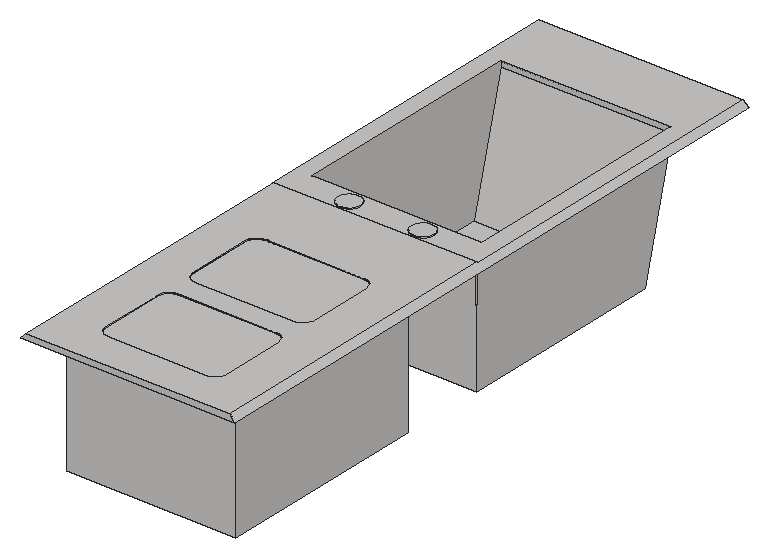
Revit family "replaced_Water_Cooler-Bottle_Filler-Wall_Mounted-Acorn-Murdock-AL81408S", category Plumbing Fixtures, host Face, Revit 2016
Family settings
  Host = Face
  Part Type = Normal
  Round Connector Dimension = Use Diameter
  OmniClass Number = 23.65.70.14.11
  OmniClass Title = Drinking Fountains/Coolers
  Cut with Voids When Loaded = No
  Shared = Yes
  Room Calculation Point = No
Parameters (values of type "AL81408S")
  Width = 19"  # constant formula
  Weight Lbs = "110 lbs."  # constant formula
  Watts = 390 W  # constant formula
  Waste Connection = yes
  Warranty Documentation Link = "https://www.murdockmfg.com/uploads/docs/MM_Terms.pdf"
  WFU = 2  # constant formula
  WF3 3000-Gallon Capacity, NSF 42+53, 1-Micron Lead Reduction Filter = no
  WF1 1500-Gallon Capacity, NSF 42+53, = no
  Vent Connection = no
  URL = "http://www.murdockmfg.com/"
  Type Comments = ""
  Tempered Water Connection = no
  Specification = "Model AL81408S is a self-contained, Ligature Resistant, fully recessed pressure electric Drinking Fountain that shall deliver a minimum of 8.0 GPH (30.3 LPH) of water at 50°F (10°C) cooled from 80°F (26.7°C) inlet water and 90°F (32.2°C) ambient. Unit shall be activated by a brass, chrome plated front Pushbutton using less then 5 pounds of force. Bubbler shall be Stainless Steel, Ligature Resistant and operate on a water pressure range of 20-105 PSIG. Cabinet Panels shall be constructed from 304 Stainless Steel and the Bowl shall have an integral Ligature Resistant Drain. Cooling system shall use R-134a refrigerant and be capillary tube regulated. An adjustable Thermostat with an off position shall regulate the Refrigeration System. Unit shall be listed by Underwriters Laboratories for both the US and Canada and is compliant to the Air Conditioning and Refrigeration Institute Standard 1010. Unit is certified to ANSI A117.1, Public Law 111-380 (NO-LEAD), CHSC 116875 and NSF/ANSI 61, Section 9. Unit shall Still deliver ambient water temperature to the Bubbler in the absence of electrical\r\npower as long as there is a pressurized water supply."
  Product Page URL = "https://www.murdockmfg.com/product.aspx?ProductId=340#/product-section-specs"
  Product Documentation Link = "https://www.murdockmfg.com/uploads/fileLibrary/AL81.8.pdf"
  Model = "AL81408S"
  Material = "Metal-Murdock-Stainless Steel-Type 304-Satin"
  Manufacturer = "Murdock"  # constant formula
  Load Rating = "4.6 Full Load Amps"  # constant formula
  Length = 12"  # constant formula
  LBPH Less Bubbler & Less Bubbler Pushbutton Actuator = no
  Installation Type = "FULLY RECESSED, WALL MOUNTED"  # constant formula
  Inlet Diameter Connection = 3/8"  # constant formula
  Height = 56 3/4"  # constant formula
  HWFU = 0  # constant formula
  HW Connection = no
  GPH = "8.0 GPH"  # constant formula
  Finish = Metal-Murdock-Stainless Steel-Type 304-Satin
  Description = "This 16-gauge stainless steel recessed fountain is designed with ligature-resistant features including bubbler, drain, and bottle filler spout. Water is chilled with an in-wall chiller rated at 8 GPH."
  Default Elevation = 51 3/4"
  Creation Date = "6/02/2020"  # constant formula
  Connection Size = 1 1/4"  # constant formula
  CWFU = 1.5  # constant formula
  CW Connection = yes
  BF Ligature Resistant Bottle/Cup Filler = no
  Assembly Code = "D2010810"
  220V 220 Volt/50 Hz or 60 Hz Compressor = no
Reference planes (in)
  plane 1 "Center (Front/Back)": y = 0
  plane 2: z = 0
  plane 3 "Center (Left/Right)": x = 0
  plane 4: y = -11
  plane 5: y = -12
  plane 6: x = -9.5
  plane 7: x = 9.5
  plane 8: y = -41.75
  plane 9: y = -14.375
  plane 10: y = 15
  plane 11: z = 0.5
  plane 12: x = -8.125
  plane 13: x = 8.125
  plane 14: z = -11
  plane 15: z = -12
  plane 16: x = -7.5
  plane 17: x = 7.5
  plane 18: z = 0.46875
  plane 19: x = -7.625
  plane 20: x = 7.625
  plane 21: z = -1.6875
  plane 22: x = 6.5
  plane 23: x = -0.96875
  plane 24: x = 0.96875
  plane 25: y = -51.75
  plane 26: y = 13.875
  plane 27: y = -40.625
Forms (in)
  Extrusion 1, solid, material "Metal-Murdock-Stainless Steel-Type 304-Satin" <- "Finish"
    sketch origin (0, 0, 0) x (1, 0, 0) y (0, 0, 1)
      loop
        line (9.03125, 0.46875) -> (-9.03125, 0.46875) -> (-9.5, 0) -> (9.5, 0) -> (9.03125, 0.46875)
    from -15 to 14.375
  Extrusion 2, solid, material "Metal-Murdock-Stainless Steel-Type 304-Satin" <- "Finish"
    sketch origin (0, 0, 0) x (0, 1, 0) y (0, 0, 1)
      loop
        line (8.875, 0) -> (5.88839, -10.9375) -> (-12.57358, -10.9375) -> (-12.57358, 0) -> (-12.63608, 0) -> (-12.63608, -11) -> (5.93612, -11) -> (8.93979, 0) -> (8.875, 0)
      loop
        line (-39.125, 0) -> (-39.125, -11) -> (-20.125, -11) -> (-20.125, 0) -> (-39.125, 0)
    from -7.5 to 7.5
  Extrusion 3, void
    sketch origin (0, 0, 0) x (1, 0, 0) y (0, 1, 0)
      loop
        line (-7.5, 8.875) -> (-7.5, -12) -> (7.5, -12) -> (7.5, 8.875) -> (-7.5, 8.875)
      loop
        line (4.375, -30.8125) -> (-4.3125, -30.8125)
        arc (-4.3125, -30.8125) -> (-5.01961, -31.10539) -> (-5.3125, -31.8125) r 1
        line (-5.3125, -31.8125) -> (-5.3125, -37.5625)
        arc (-5.3125, -37.5625) -> (-5.01961, -38.26961) -> (-4.3125, -38.5625) r 1
        line (-4.3125, -38.5625) -> (4.375, -38.5625)
        arc (4.375, -38.5625) -> (5.08211, -38.26961) -> (5.375, -37.5625) r 1
        line (5.375, -37.5625) -> (5.375, -31.8125)
        arc (5.375, -31.8125) -> (5.08211, -31.10539) -> (4.375, -30.8125) r 1
      loop
        line (4.375, -21.0625) -> (-4.375, -21.0625)
        arc (-4.375, -21.0625) -> (-5.08211, -21.35539) -> (-5.375, -22.0625) r 1
        line (-5.375, -22.0625) -> (-5.375, -27.8125)
        arc (-5.375, -27.8125) -> (-5.08211, -28.51961) -> (-4.375, -28.8125) r 1
        line (-4.375, -28.8125) -> (4.375, -28.8125)
        arc (4.375, -28.8125) -> (5.08211, -28.51961) -> (5.375, -27.8125) r 1
        line (5.375, -27.8125) -> (5.375, -22.0625)
        arc (5.375, -22.0625) -> (5.08211, -21.35539) -> (4.375, -21.0625) r 1
    from 0 to 0.5
  Extrusion 4, solid, material "Metal-Murdock-Stainless Steel-Type 304-Satin" <- "Finish"
    sketch origin (0, -25.75, 0) x (1, 0, 0) y (0, 0, 1)
      loop
        line (9, 0.5) -> (-9, 0.5) -> (-9.5, 0) -> (9.5, 0) -> (9, 0.5)
    from -11.375 to 16
  Extrusion 5, solid, material "Metal-Murdock-Stainless Steel-Type 304-Satin" <- "Finish"
    sketch origin (0, 0, 0) x (1, 0, 0) y (0, 1, 0)
      loop
        circle (-3.25, -13.1875) r 1
      loop
        circle (3.25, -13.1875) r 1
    from 0.46875 to 0.5
  Extrusion 6, solid, material "Metal-Murdock-Stainless Steel-Type 304-Satin" <- "Finish"
    sketch origin (0, 0, 0) x (1, 0, 0) y (0, 1, 0)
      loop
        arc (-4.375, -21.0625) -> (-5.08211, -21.35539) -> (-5.375, -22.0625) r 1
        line (-5.375, -22.0625) -> (-5.375, -27.8125)
        arc (-5.375, -27.8125) -> (-5.08211, -28.51961) -> (-4.375, -28.8125) r 1
        line (-4.375, -28.8125) -> (4.375, -28.8125)
        arc (4.375, -28.8125) -> (5.08211, -28.51961) -> (5.375, -27.8125) r 1
        line (5.375, -27.8125) -> (5.375, -22.0625)
        arc (5.375, -22.0625) -> (5.08211, -21.35539) -> (4.375, -21.0625) r 1
        line (4.375, -21.0625) -> (-4.375, -21.0625)
      loop
        arc (-4.3125, -30.8125) -> (-5.01961, -31.10539) -> (-5.3125, -31.8125) r 1
        line (-5.3125, -31.8125) -> (-5.3125, -37.5625)
        arc (-5.3125, -37.5625) -> (-5.01961, -38.26961) -> (-4.3125, -38.5625) r 1
        line (-4.3125, -38.5625) -> (4.375, -38.5625)
        arc (4.375, -38.5625) -> (5.08211, -38.26961) -> (5.375, -37.5625) r 1
        line (5.375, -37.5625) -> (5.375, -31.8125)
        arc (5.375, -31.8125) -> (5.08211, -31.10539) -> (4.375, -30.8125) r 1
        line (4.375, -30.8125) -> (-4.3125, -30.8125)
    from 0.44255 to 0.47739
  Extrusion 7, solid, material "Metal-Murdock-Stainless Steel-Type 304-Satin" <- "Finish"
    sketch origin (0, 0, 0) x (0, 1, 0) y (0, 0, 1)
      loop
        line (5.93612, -11) -> (8.93979, 0) -> (8.93979, 0.46875) -> (-12.0625, 0.46875) -> (-12.0625, -1.17599) -> (-12.63608, -1.99514) -> (-12.63608, -11) -> (5.93612, -11)
    from -7.5 to -7.625
  Extrusion 8, solid, material "Metal-Murdock-Stainless Steel-Type 304-Satin" <- "Finish"
    sketch origin (0, 0, 0) x (0, 1, 0) y (0, 0, -1)
      loop
        line (5.93612, 11) -> (-12.63608, 11) -> (-12.63608, 4.17445) -> (-12.0625, 3.35529) -> (-12.0625, -0.46875) -> (8.93979, -0.46875) -> (8.93979, 0) -> (5.93612, 11)
    from -7.5 to -7.625
  Revolve 9, solid, material "Metal-Murdock-Stainless Steel-Type 304-Satin" <- "Finish"
    sketch origin (6.5, 60, 48) x (0, 1, 0) y (0, 0, 1)
      loop
        line (-71.16016, -49.37921) -> (-72, -49.07353) -> (-72, -49.6875) -> (-71, -49.6875) -> (-71, -49.60794)
        arc (-71, -49.60794) -> (-71.04402, -49.46832) -> (-71.16016, -49.37921) r 0.24341
      axis (-72, -49.6875) -> (-71, -49.6875)
    angle from 0 to 360
  Blend 10, solid, material "Metal-Murdock-Stainless Steel-Type 304-Satin" <- "Finish"
    base sketch origin (0, 0, 0) x (0, 1, 0) y (0, 0, 1)
      loop
        line (-12.57358, -4.19415) -> (-12, -3.375) -> (-12, 0) -> (-12.57358, 0) -> (-12.57358, -4.19415)
    top sketch origin (0, 0, 0) x (0, 1, 0) y (0, 0, 1)
      loop
        line (-12.57358, 0) -> (-12.57358, -1.90588) -> (-12, -1.08673) -> (-12, 0) -> (-12.57358, 0)
    from 7.625 to -7.625
  Revolve 11, solid, material "Metal-Murdock-Stainless Steel-Type 304-Satin" <- "Finish"
    sketch origin (0, 0.3125, 0) x (0, 1, 0) y (0, 0, 1)
      loop
        line (-0.28878, -9.81031) -> (-0.69904, -10.9375) -> (0.125, -10.9375) -> (0.125, -9.59535) -> (0.01822, -9.59535)
        arc (0.01822, -9.59535) -> (-0.16917, -9.65443) -> (-0.28878, -9.81031) r 0.32669
      axis (0.125, -10.9375) -> (0.125, -9.59535)
    angle from 0 to 360
  Extrusion 12, void
    sketch origin (0, 0, 0) x (0, 1, 0) y (0, 0, 1)
      loop
        line (0.13762, -9.53299) -> (-0.44979, -9.53299) -> (-0.44979, -10.9375) -> (0, -10.9375) -> (0.13762, -9.53299)
    from -0.96875 to 0.96875
  Revolve 13, solid, material "Metal-Murdock-Stainless Steel-Type 304-Satin" <- "Finish"
    sketch origin (0, -15.48578, -4.73457) x (0, 0, 1) y (0, -1, 0)
      loop
        arc (-1.83895, -1.39106) -> (-1.683, -1.18781) -> (-1.43867, -1.11078) r 0.42597
        line (-1.43867, -1.11078) -> (-1.40603, -1.11078) -> (-1.40603, -1.07953) -> (-1.43867, -1.07953)
        arc (-1.43867, -1.07953) -> (-1.70092, -1.16222) -> (-1.86832, -1.38037) r 0.45722
        line (-1.86832, -1.38037) -> (-2.37203, -2.7643)
        arc (-2.37203, -2.7643) -> (-2.38102, -2.79785) -> (-2.38405, -2.83245) r 0.19927
        line (-2.38405, -2.83245) -> (-2.38405, -2.9122) -> (-2.3528, -2.9122) -> (-2.3528, -2.83245)
        arc (-2.3528, -2.83245) -> (-2.35024, -2.80328) -> (-2.34266, -2.77499) r 0.16802
        line (-2.34266, -2.77499) -> (-1.83895, -1.39106)
      axis (-1.3011, -2.9122) -> (-1.3011, -1.07953)
    angle from 0 to 360
  Revolve 14, void
    sketch origin (0, 0, 0) x (0, 1, 0) y (0, 0, 1)
      loop
        line (-12.57358, -4.98397) -> (-12.63608, -4.98397) -> (-12.63608, -6.03567) -> (-12.57358, -6.03567) -> (-12.57358, -4.98397)
      axis (-12.63608, -6.03567) -> (-12.57358, -6.03567)
    angle from 0 to 360
  Extrusion 15, void
    sketch origin (-60.04412, -36.63609, 0) x (1, 0, 0) y (0, 1, 0)
      loop
        line (68.16912, -3.98891) -> (68.16912, 50.51109) -> (51.91912, 50.51109) -> (51.91912, -3.98891) -> (68.16912, -3.98891)
    from -12 to 0
  Revolve 16, solid, not visible
    sketch origin (0, 0, 0) x (0, 1, 0) y (0, 0, 1)
      loop
        line (-19.25, -12) -> (-19.5, -12) -> (-19.5, -12.03125) -> (-19.25, -12.03125) -> (-19.25, -12)
      axis (-19.25, -12.03125) -> (-19.25, -11.99188)
    angle from 0 to 360
  Revolve 17, solid, not visible
    sketch origin (0, 8, 0) x (0, 1, 0) y (0, 0, 1)
      loop
        line (-22.375, -12) -> (-23, -12) -> (-23, -12.03125) -> (-22.375, -12.03125) -> (-22.375, -12)
      axis (-22.375, -12.03125) -> (-22.375, -11.99188)
    angle from 0 to 360
Cuts and joins
  Extrusion 3, Extrusion 12, Revolve 14 cuts Extrusion 1
  Extrusion 12, Revolve 14 cuts Extrusion 2
  Extrusion 3, Extrusion 12, Revolve 14 cuts Extrusion 4
  Extrusion 12, Revolve 14 cuts Extrusion 5
  Extrusion 12, Revolve 14 cuts Extrusion 6
  Extrusion 12, Revolve 14 cuts Extrusion 7
  Extrusion 12, Revolve 14 cuts Extrusion 8
  Extrusion 12, Revolve 14 cuts Blend 10
  Extrusion 12 cuts Revolve 11
  Revolve 14 cuts Revolve 13
  joined: Extrusion 1, Extrusion 2, Extrusion 4, Extrusion 5, Extrusion 6, Extrusion 7, Extrusion 8, Revolve 9, Blend 10, Revolve 11, Revolve 13
Lines and regions (in)
  Masking region 1
    outline origin (0, 0, 0) x (1, 0, 0) y (0, 0, 1)
      loop
        line (-7.625, -11) -> (7.625, -11) -> (7.625, 0) -> (9.5, 0) -> (9, 0.5) -> (-9, 0.5) -> (-9.5, 0) -> (-7.625, 0) -> (-7.625, -11)
  symbolic lines, detail levels medium+fine
    curve 1: line (-7.625, 0, 0) -> (7.625, 0, 0)
Dimensions and locks (in)
  locked: plane 5 to plane 4 at 1
  "Width": plane 6 to plane 7
  equal spacing: plane 6, plane 3 "Center (Left/Right)", plane 7
  plane 8 to plane 9 = 27 3/8"
  plane 9 to plane 10 = 29 3/8"
  locked: plane 11 to level at 0.5
  plane 12 to plane 13 = 16 1/4"
  level to plane 14 = 11"
  "Length": level to plane 15
  plane 4 to Extrusion 2 sketch curve = 1.57358"
  locked: Extrusion 2 sketch curve to Extrusion 2 sketch curve at 0.0625  (x3)
  plane 16 to plane 17 = 15"
  equal spacing: plane 16, plane 3 "Center (Left/Right)", plane 17
  locked: plane 11 to plane 18 at 0.03125
  locked: plane 17 to plane 20 at 0.125
  equal spacing: plane 23, plane 3 "Center (Left/Right)", plane 24
  Extrusion 12 sketch curve to Extrusion 12 sketch curve to Extrusion 12 sketch curve = 0.13762" locked, 0.44979" locked
  locked: plane 15 to Revolve 16 sketch curve at 0.03125
  plane 25 to plane 1 "Center (Front/Back)" = 51 3/4"
  plane 25 to plane 8 = 10"
  plane 27 to plane 26 = 54 1/2"
  "Height": plane 8 to plane 10
  plane 10 to plane 9 = 29 3/8"
  plane 9 to plane 8 = 27 3/8"
  plane 9 to plane 25 = 37 3/8"
  aligned and locked: plane 2 to host face
  aligned and locked: level to host face
  aligned and locked: host face to Extrusion 1 sketch curve
  aligned and locked: level to Extrusion 2 sketch curve
  aligned and locked: plane 14 to Extrusion 2 sketch curve
  aligned and locked: Extrusion 2 sketch curve to level
  aligned and locked: Extrusion 2 to plane 16
  aligned and locked: plane 17 to Extrusion 2
  aligned and locked: plane 11 to Extrusion 3
  aligned and locked: Extrusion 2 sketch curve to plane 14
  aligned and locked: Extrusion 1 to plane 18
  aligned and locked: plane 5 to Extrusion 3
  aligned and locked: Extrusion 5 to cut or joined group 1 (Extrusion 1, Extrusion 2, Extrusion 3, Extrusion 4, Extrusion 5, Extrusion 6, Extrusion 7, Extrusion 8, Revolve 9, Blend 10, Revolve 11, Extrusion 12, Revolve 13, Revolve 14)
  aligned and locked: plane 11 to Extrusion 5
  aligned and locked: cut or joined group 1 to Extrusion 7 sketch curve
  aligned and locked: Extrusion 2 to Extrusion 7
  aligned and locked: Extrusion 7 to plane 19
  aligned and locked: cut or joined group 1 to Blend 10 sketch curve
  aligned and locked: Extrusion 12 sketch curve to cut or joined group 1
  aligned and locked: plane 23 to Extrusion 12
  aligned and locked: Extrusion 12 to plane 24
  aligned and locked: plane 9 to Revolve 13 sketch curve
  aligned and locked: Extrusion 15 to plane 15
  aligned and locked: host face to Extrusion 15
  aligned and locked: Extrusion 15 to plane 12
  aligned and locked: plane 13 to Extrusion 15
  aligned and locked: Masking region 1 sketch curve to cut or joined group 1  (x7)
  aligned and locked: cut or joined group 1 to curve 1  (x2)
  aligned and locked: curve 1 to cut or joined group 1
  aligned and locked: plane 8 to Extrusion 4
  aligned and locked: Extrusion 4 to plane 9
  aligned and locked: Extrusion 15 to plane 27
  aligned and locked: Extrusion 15 to plane 26
Automatic sketch dimensions
  host sketch curve to host sketch curve = 96"
  host sketch curve to host sketch curve = 127.16847"
  Extrusion 1 sketch curve to plane 6 = 0"
  Extrusion 1 sketch curve to plane 18 = 0"
  Extrusion 1 sketch curve to plane 7 = 0"
  plane 6 to Extrusion 1 sketch curve = 15/32"
  Extrusion 1 sketch curve to plane 7 = 15/32"
  Extrusion 2 sketch curve to level = 0"
  plane 5 to Extrusion 3 sketch curve = 0"
  Extrusion 3 sketch curve to plane 16 = 0"
  Extrusion 3 sketch curve to plane 17 = 0"
  plane 16 to Extrusion 3 sketch curve = 2 1/8"
  plane 16 to Extrusion 3 sketch curve = 2 3/16"
  Extrusion 3 sketch curve to Extrusion 3 sketch curve = 1"  (x6)
  Extrusion 3 sketch curve to plane 22 = 2 1/8"  (x4)
  plane 9 to Extrusion 3 sketch curve = 6 11/16"
  Extrusion 3 sketch curve to Extrusion 3 sketch curve = 5 3/4"
  Extrusion 3 sketch curve to Extrusion 3 sketch curve = 2"
  Extrusion 4 sketch curve to level = 0"
  Extrusion 4 sketch curve to plane 6 = 0"
  Extrusion 4 sketch curve to plane 11 = 0"
  Extrusion 4 sketch curve to plane 7 = 0"
  plane 6 to Extrusion 4 sketch curve = 1/2"
  Extrusion 4 sketch curve to plane 7 = 1/2"
  plane 23 to Extrusion 5 sketch curve = 2 9/32"
  Extrusion 5 sketch curve to plane 24 = 2 9/32"
  plane 5 to Extrusion 5 sketch curve = 1 3/16"  (x2)
  Extrusion 7 sketch curve to plane 14 = 0"
  Extrusion 7 sketch curve to level = 0"
  Extrusion 7 sketch curve to plane 21 = 0.30764"
  plane 5 to Extrusion 7 sketch curve = 0.63608"
  plane 5 to Extrusion 7 sketch curve = 1/16"
  plane 21 to Extrusion 7 sketch curve = 0.51151"
  Extrusion 8 sketch curve to plane 14 = 0"
  plane 18 to Extrusion 8 sketch curve = 0"
  Extrusion 8 sketch curve to level = 0"
  plane 5 to Extrusion 8 sketch curve = 0.63608"
  plane 5 to Extrusion 8 sketch curve = 1/16"
  Extrusion 8 sketch curve to plane 21 = 1.66779"
  Extrusion 8 sketch curve to Extrusion 8 sketch curve = 0.81915"
  Revolve 9 sketch curve to plane 5 = 0"
  Revolve 9 sketch curve to plane 4 = 0"
  Revolve 9 sketch curve to plane 21 = 0"  (x2)
  plane 21 to Revolve 9 sketch curve = 0.07956"
  Revolve 9 sketch curve to Revolve 9 sketch curve = 0.24341"
  plane 4 to Revolve 9 sketch curve = 41/256"
  plane 21 to Revolve 9 sketch curve = 0.61397"
  Revolve 9 sketch curve to plane 4 = 0.59415"
  Revolve 9 sketch curve to Revolve 9 sketch curve = 0.3807"
  Blend 10 sketch curve to level = 0"  (x2)
  plane 5 to Blend 10 sketch curve = 0.57358"  (x2)
  Blend 10 sketch curve to plane 21 = 1 11/16"
  Blend 10 sketch curve to Blend 10 sketch curve = 0.81915"
  Blend 10 sketch curve to plane 5 = 0"
  plane 21 to Blend 10 sketch curve = 0.60077"
  Blend 10 sketch curve to plane 21 = 0.21838"
  plane 14 to Revolve 11 sketch curve = 1/16"
  plane 1 "Center (Front/Back)" to Revolve 11 sketch curve = 0.38654"
  Revolve 11 sketch curve to plane 1 "Center (Front/Back)" = 0.02372"
  Revolve 11 sketch curve to Revolve 11 sketch curve = 0.30699"
  Revolve 11 sketch curve to plane 1 "Center (Front/Back)" = 7/16"  (x2)
  Revolve 11 sketch curve to Revolve 11 sketch curve = 1.01546"
  Revolve 11 sketch curve to Revolve 11 sketch curve = 0.11174"
  Revolve 11 sketch curve to Revolve 11 sketch curve = 0.79744"
  Revolve 11 sketch curve to Revolve 11 sketch curve = 0.51095"
  Extrusion 12 sketch curve to plane 1 "Center (Front/Back)" = 0"
  Extrusion 12 sketch curve to Extrusion 12 sketch curve = 1.40451"
  Revolve 13 sketch curve to Revolve 13 sketch curve = 0"  (x4)
  plane 5 to Revolve 13 sketch curve = 0.65332"
  plane 14 to Revolve 13 sketch curve = 3.88138"
  plane 5 to Revolve 13 sketch curve = 0.72148"
  Revolve 13 sketch curve to Revolve 13 sketch curve = 0.01202"
  Revolve 13 sketch curve to Revolve 13 sketch curve = 1/32"
  plane 5 to Revolve 13 sketch curve = 0.71079"
  Revolve 13 sketch curve to plane 9 = 0.26959"
  Revolve 13 sketch curve to Revolve 13 sketch curve = 0.50371"
  Revolve 13 sketch curve to plane 9 = 0.28028"
  Revolve 13 sketch curve to Revolve 13 sketch curve = 0.02937"
  Revolve 13 sketch curve to Revolve 13 sketch curve = 0.40028"
  Revolve 13 sketch curve to Revolve 13 sketch curve = 0.03265"
  Revolve 13 sketch curve to Revolve 13 sketch curve = 0.07975"
  Revolve 13 sketch curve to Revolve 13 sketch curve = 0.10493"
  Revolve 13 sketch curve to Revolve 13 sketch curve = 0.95709"
  Revolve 13 sketch curve to Revolve 13 sketch curve = 0.66622"
  plane 5 to Revolve 14 sketch curve = 0.63608"
  Revolve 14 sketch curve to Revolve 14 sketch curve = 1/16"
  Revolve 14 sketch curve to plane 21 = 4.34817"
  Revolve 14 sketch curve to Revolve 14 sketch curve = 1.0517"
  Revolve 14 sketch curve to Revolve 14 sketch curve = 0.12669"
  Revolve 14 sketch curve to Revolve 14 sketch curve = 0.06183"
  Revolve 14 sketch curve to Revolve 14 sketch curve = 0"
  Extrusion 15 sketch curve to plane 12 = 0"
  Extrusion 15 sketch curve to plane 13 = 0"
  Revolve 16 sketch curve to plane 15 = 0"
  plane 9 to Revolve 16 sketch curve = 5 1/8"
  Revolve 16 sketch curve to Revolve 16 sketch curve = 1/4"
  Revolve 16 sketch curve to Revolve 16 sketch curve = 0"
  plane 15 to Revolve 16 sketch curve = 0.03044"
  Revolve 16 sketch curve to Revolve 16 sketch curve = 0.03953"
  Revolve 17 sketch curve to plane 15 = 0"
  Revolve 17 sketch curve to plane 9 = 0"  (x2)
  Revolve 17 sketch curve to plane 15 = 1/32"
  plane 9 to Revolve 17 sketch curve = 5/8"
  plane 15 to Revolve 17 sketch curve = 0.03044"
  Revolve 17 sketch curve to Revolve 17 sketch curve = 0.03953"
  Masking region 1 sketch curve to level = 0"
  curve 1 to level = 0"
  plane 9 to Extrusion 2 sketch curve = 5 3/4"
  Extrusion 2 sketch curve to plane 8 = 2 5/8"
  Extrusion 2 sketch curve to plane 1 "Center (Front/Back)" = 5.88839"
  Extrusion 2 sketch curve to Extrusion 2 sketch curve = 0.04772"
  Extrusion 3 sketch curve to plane 8 = 4 3/16"
  plane 10 to Extrusion 3 sketch curve = 6 1/8"
  Extrusion 7 sketch curve to plane 1 "Center (Front/Back)" = 5.93612"
  plane 10 to Extrusion 7 sketch curve = 6.06021"
  Extrusion 8 sketch curve to plane 1 "Center (Front/Back)" = 5.93612"
  plane 10 to Extrusion 8 sketch curve = 6.06021"
  Extrusion 15 sketch curve to plane 8 = 1 1/8"
  plane 10 to Extrusion 15 sketch curve = 1 1/8"
  plane 16 to Extrusion 6 sketch curve = 2 1/8"
  plane 16 to Extrusion 6 sketch curve = 2 3/16"
  Extrusion 6 sketch curve to Extrusion 6 sketch curve = 1"  (x6)
  Extrusion 6 sketch curve to plane 22 = 2 1/8"  (x4)
  Extrusion 6 sketch curve to plane 8 = 3 3/16"
  Extrusion 6 sketch curve to Extrusion 6 sketch curve = 5 3/4"  (x2)
  Extrusion 6 sketch curve to Extrusion 6 sketch curve = 2"
  radius of Extrusion 5 sketch curve = 1"  (x2)
Connectors (in)
  piping at (0, -19.25, -12.03125), diameter 0.375, driven by "CWFU", driven by "Inlet Diameter Connection"
    settings: on Revolve 16, index 1, connector inside diameter 24", connector length 0", flow factor 0, pipe flow 0 GPM, pressure drop 0.00 psi, fitting loss kfactor 0, connector angle 0.00°, fixture units 1.5, engagement length 0", angle of deflection 0.00°, flow configuration 3, flow direction 1, fitting loss method 0, system type 20, joint type 0, gender type 0, connector reference index -1, connector utility 0, adjustable connector no, is connector primary yes, connector description "3/8\" Inlet Supply Connection"
  piping at (0, -14.375, -12.03125), diameter 1.25, driven by "Connection Size"
    settings: on Revolve 17, index 2, connector inside diameter 24", connector length 0", flow factor 0, pipe flow 0 GPM, pressure drop 0.00 psi, fitting loss kfactor 0, connector angle 0.00°, fixture units 0, engagement length 0", angle of deflection 0.00°, flow configuration 0, flow direction 2, fitting loss method 0, system type 16, joint type 0, gender type 0, connector reference index -1, connector utility 0, adjustable connector no, is connector primary no, connector description "1 1/4\" Waste Outlet Connection"
  electrical at (-7.5, -29.625, -5.5)
    settings: on cut or joined group 1, index 3, voltage 120 V, apparent load 4.6 VA, apparent load phase1 0 VA, apparent load phase2 0 VA, apparent load phase3 0 VA, power factor 1, load classification "Other", number of poles 1, system type 30, power factor state 1, is connector primary yes, connector utility no, sub classification motor no, connector description "Power Supply"
